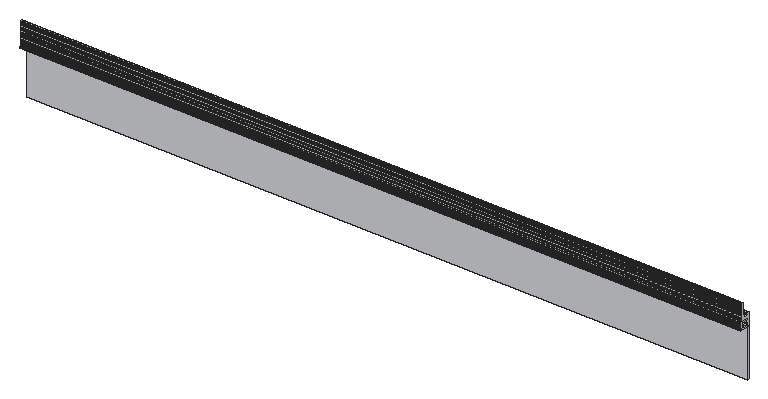
Revit family "Alcon-15244-S-RGBW-Revit-Family", category Lighting Fixtures, Revit 2021
Family settings
  Round Connector Dimension = Use Diameter
  Part Type = Normal
  Work Plane-Based = No
  Always vertical = Yes
  Cut with Voids When Loaded = No
  Light Source = No
  Shared = No
  Room Calculation Point = No
Parameters (values of type "4'")
  Product Identity = "Alcon Lighting  15244-S-RGBW"
  Manufacturer = "Alcon Light"
  Link To Product Page = "https://www.alconlighting.com/15244-s-rgbw.html"
  Light Source = none
  Lens = none
  Lenght = 4' - 0"
  Housing = none
  Default Elevation = 0' - 0"
Types (5): name | Lenght
  (no name) | 4' - 0"
  2' | 2' - 0"
  3' | 3' - 0"
  4' | 4' - 0"
  6' | 6' - 0"
Reference planes (in)
  plane 1 "Center (Front/Back)": y = 0
  plane 2: z = 0
  plane 3 "Center (Left/Right)": x = 0
Forms (in)
  Extrusion 1, solid, material <- "Housing"
    sketch origin (0, 0, 0) x (0, 1, 0) y (0, 0, 1)
      loop
        line (0, 4) -> (-0.14066, 4) -> (-0.14066, 3.92871) -> (-0.069, 3.92871) -> (-0.069, 3.83442) -> (-0.21107, 3.83442)
        arc (-0.21107, 3.83442) -> (-0.24375, 3.72147) -> (-0.27644, 3.83442) r 0.06121
        line (-0.27644, 3.83442) -> (-0.40343, 3.83442) -> (-0.40343, 3.92871) -> (-0.33679, 3.92871) -> (-0.33679, 4) -> (-0.49, 4) -> (-0.49, 4.78381) -> (-0.56063, 4.78381) -> (-0.56176, 4.72889) -> (-0.52958, 4.72889) -> (-0.52958, 4.69725) -> (-0.56241, 4.69725) -> (-0.56352, 4.64361) -> (-0.53134, 4.64361) -> (-0.53134, 4.61196) -> (-0.56417, 4.61196) -> (-0.56556, 4.54421) -> (-0.53338, 4.54421) -> (-0.53338, 4.51256) -> (-0.56622, 4.51256) -> (-0.56766, 4.44246) -> (-0.53548, 4.44246) -> (-0.53548, 4.41082) -> (-0.56831, 4.41082) -> (-0.56975, 4.34072) -> (-0.53757, 4.34072) -> (-0.53757, 4.30907) -> (-0.5704, 4.30907) -> (-0.57185, 4.23898) -> (-0.53967, 4.23898) -> (-0.53967, 4.20733) -> (-0.5725, 4.20733) -> (-0.57394, 4.13723) -> (-0.54176, 4.13723) -> (-0.54176, 4.10559) -> (-0.57459, 4.10559) -> (-0.57603, 4.03549) -> (-0.54385, 4.03549) -> (-0.54385, 4.00384) -> (-0.57668, 4.00384) -> (-0.57813, 3.93375) -> (-0.54595, 3.93375) -> (-0.54595, 3.9021) -> (-0.57878, 3.9021) -> (-0.58022, 3.832) -> (-0.54804, 3.832) -> (-0.54804, 3.80035) -> (-0.58087, 3.80035) -> (-0.58232, 3.73026) -> (-0.55014, 3.73026) -> (-0.55014, 3.69861) -> (-0.58297, 3.69861) -> (-0.58441, 3.62851) -> (-0.55223, 3.62851) -> (-0.55223, 3.59687) -> (-0.58506, 3.59687) -> (-0.5865, 3.52677) -> (-0.55432, 3.52677) -> (-0.55432, 3.49512) -> (-0.58715, 3.49512) -> (-0.5886, 3.42503) -> (-0.55642, 3.42503) -> (-0.55642, 3.39338) -> (-0.58925, 3.39338) -> (-0.59069, 3.32328) -> (-0.55851, 3.32328) -> (-0.55851, 3.29164) -> (-0.59134, 3.29164) -> (-0.59242, 3.23919) -> (-0.63, 3.23919) -> (-0.63, 3.17381) -> (-0.54653, 3.17381) -> (-0.54653, 3.21844) -> (-0.50818, 3.25679) -> (-0.50818, 3.65031) -> (-0.09847, 3.65031) -> (-0.09847, 3.26298) -> (-0.07312, 3.21907) -> (-0.07312, 3.17639) -> (-0.07312, 0) -> (0, 0) -> (0, 4)
    from 0 to 48
  Extrusion 2, solid, material <- "Lens"
    sketch origin (0, 0, 0) x (0, 1, 0) y (0, 0, 1)
      loop
        line (-0.54653, 3.17381) -> (-0.07312, 3.17381) -> (-0.07312, 3.21907) -> (-0.09847, 3.26298) -> (-0.09847, 3.4201) -> (-0.13354, 3.4201) -> (-0.13354, 3.21839) -> (-0.46504, 3.21839) -> (-0.46504, 3.4201) -> (-0.50818, 3.4201) -> (-0.50818, 3.25679) -> (-0.54653, 3.21844) -> (-0.54653, 3.17381)
    from 0 to 48
  Extrusion 3, solid, material <- "Light Source"
    sketch origin (0, 0, 0) x (0, 1, 0) y (0, 0, 1)
      loop
        line (-0.50818, 3.65031) -> (-0.50818, 3.60628) -> (-0.09847, 3.60628) -> (-0.09847, 3.65031) -> (-0.50818, 3.65031)
    from 0 to 48
Dimensions and locks (in)
  "Lenght": plane 3 "Center (Left/Right)" to Extrusion 1
  aligned and locked: plane 2 to level
  aligned and locked: Extrusion 1 to Extrusion 2
  aligned and locked: Extrusion 1 to Extrusion 3
Automatic sketch dimensions
  plane 1 "Center (Front/Back)" to Extrusion 2 sketch curve = 0' - 0.54653"
  Extrusion 2 sketch curve to Extrusion 2 sketch curve = 0' - 0.03835"  (x2)
  Extrusion 2 sketch curve to Extrusion 2 sketch curve = 0' - 0.04315"
  plane 1 "Center (Front/Back)" to Extrusion 2 sketch curve = 0' - 0.13354"
  Extrusion 2 sketch curve to Extrusion 2 sketch curve = 0' - 0.03507"
  plane 1 "Center (Front/Back)" to Extrusion 2 sketch curve = 0' - 0.07312"
  level to Extrusion 2 sketch curve = 0' - 3.17381"
  Extrusion 2 sketch curve to Extrusion 2 sketch curve = 0' - 0.04458"
  Extrusion 2 sketch curve to Extrusion 2 sketch curve = 0' - 0.04463"
  Extrusion 2 sketch curve to Extrusion 2 sketch curve = 0' - 0.04526"
  Extrusion 2 sketch curve to Extrusion 2 sketch curve = 0' - 0.04391"
  Extrusion 2 sketch curve to Extrusion 2 sketch curve = 0' - 0.15712"
  Extrusion 2 sketch curve to Extrusion 2 sketch curve = 0' - 0.16331"
  plane 1 "Center (Front/Back)" to Extrusion 3 sketch curve = 0' - 0.50818"
  plane 1 "Center (Front/Back)" to Extrusion 3 sketch curve = 0' - 0.09847"
  level to Extrusion 3 sketch curve = 0' - 3.60628"
  Extrusion 3 sketch curve to Extrusion 3 sketch curve = 0' - 0.04403"
  Extrusion 1 sketch curve to level = 0' - 0"
  Extrusion 1 sketch curve to plane 1 "Center (Front/Back)" = 0' - 0"
  plane 1 "Center (Front/Back)" to Extrusion 1 sketch curve = 0' - 0.069"
  plane 1 "Center (Front/Back)" to Extrusion 1 sketch curve = 0' - 0.07312"
  plane 1 "Center (Front/Back)" to Extrusion 1 sketch curve = 0' - 0.09847"
  Extrusion 1 sketch curve to Extrusion 1 sketch curve = 0' - 0.07166"
  Extrusion 1 sketch curve to Extrusion 1 sketch curve = 0' - 0.07041"
  Extrusion 1 sketch curve to Extrusion 1 sketch curve = 0' - 0.03269"  (x2)
  Extrusion 1 sketch curve to Extrusion 1 sketch curve = 0' - 0.06035"
  Extrusion 1 sketch curve to Extrusion 1 sketch curve = 0' - 0.06663"
  plane 1 "Center (Front/Back)" to Extrusion 1 sketch curve = 0' - 0.49"
  Extrusion 1 sketch curve to Extrusion 1 sketch curve = 0' - 0.40971"
  Extrusion 1 sketch curve to Extrusion 1 sketch curve = 0' - 0.03958"
  Extrusion 1 sketch curve to Extrusion 1 sketch curve = 0' - 0.00176"
  Extrusion 1 sketch curve to Extrusion 1 sketch curve = 0' - 0.00205"
  Extrusion 1 sketch curve to Extrusion 1 sketch curve = 0' - 0.00209"  (x9)
  Extrusion 1 sketch curve to Extrusion 1 sketch curve = 0' - 0.05385"
  Extrusion 1 sketch curve to Extrusion 1 sketch curve = 0' - 0.03835"  (x2)
  Extrusion 1 sketch curve to Extrusion 1 sketch curve = 0' - 0.04195"
  Extrusion 1 sketch curve to Extrusion 1 sketch curve = 0' - 0.04404"
  Extrusion 1 sketch curve to Extrusion 1 sketch curve = 0' - 0.03105"
  Extrusion 1 sketch curve to Extrusion 1 sketch curve = 0' - 0.03218"  (x15)
  Extrusion 1 sketch curve to Extrusion 1 sketch curve = 0' - 0.00065"  (x15)
  Extrusion 1 sketch curve to Extrusion 1 sketch curve = 0' - 0.04589"
  Extrusion 1 sketch curve to Extrusion 1 sketch curve = 0' - 0.03758"
  level to Extrusion 1 sketch curve = 0' - 3.17381"
  Extrusion 1 sketch curve to Extrusion 1 sketch curve = 0' - 0.00258"
  Extrusion 1 sketch curve to Extrusion 1 sketch curve = 0' - 0.04463"
  Extrusion 1 sketch curve to Extrusion 1 sketch curve = 0' - 0.04269"
  Extrusion 1 sketch curve to Extrusion 1 sketch curve = 0' - 0.02074"
  Extrusion 1 sketch curve to Extrusion 1 sketch curve = 0' - 0.04391"
  Extrusion 1 sketch curve to Extrusion 1 sketch curve = 0' - 0.05245"
  Extrusion 1 sketch curve to Extrusion 1 sketch curve = 0' - 0.03165"  (x15)
  Extrusion 1 sketch curve to Extrusion 1 sketch curve = 0' - 0.0701"  (x11)
  Extrusion 1 sketch curve to Extrusion 1 sketch curve = 0' - 0.38733"
  Extrusion 1 sketch curve to Extrusion 1 sketch curve = 0' - 0.0483"
  Extrusion 1 sketch curve to Extrusion 1 sketch curve = 0' - 0.13236"
  Extrusion 1 sketch curve to Extrusion 1 sketch curve = 0' - 0.05175"
  Extrusion 1 sketch curve to Extrusion 1 sketch curve = 0' - 0.09429"  (x2)
  Extrusion 1 sketch curve to Extrusion 1 sketch curve = 0' - 0.07129"  (x2)
  Extrusion 1 sketch curve to Extrusion 1 sketch curve = 0' - 0.06775"
  Extrusion 1 sketch curve to Extrusion 1 sketch curve = 0' - 0.05364"
  Extrusion 1 sketch curve to Extrusion 1 sketch curve = 0' - 0.05492"
